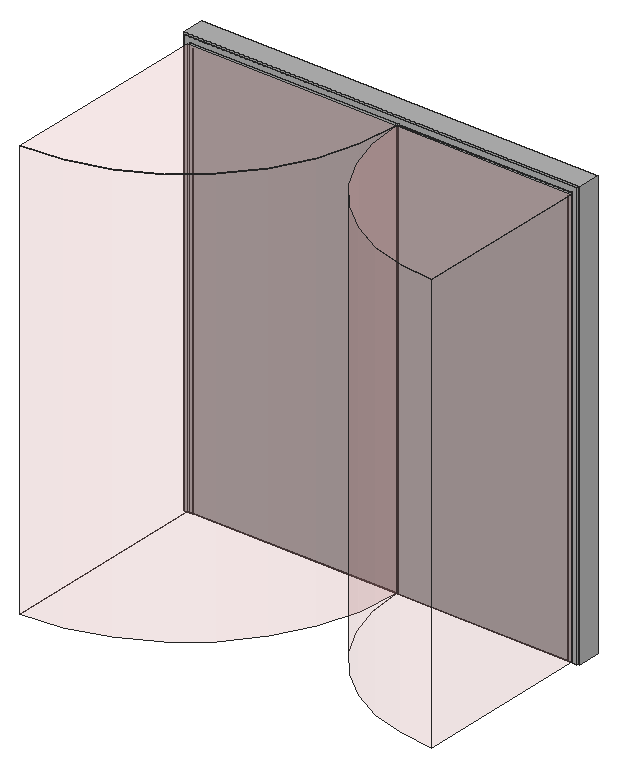
Revit family "ASSA ABLOY - ALPE Sp 60-2, double-leaf, block frame", category Doors, host Wall, Revit 2021
Family settings
  Host = Wall
  OmniClass Number = 23.30.10.00
  OmniClass Title = Doors
  Always vertical = Yes
  Cut with Voids When Loaded = No
  Shared = No
  Room Calculation Point = No
Parameters (values of type "1800 x 2100 (1805 x 2109)")
  URL = "https://www.assaabloy.com/pl/pl"
  Type Comments = "Door leaf made of two pressed galvanised steel sheets 1,25mm thick. Filled with mineral wool glued to the sheets with polyurethane adhesive. Door with 3-sided thin rebate."
  Rough Width Real = Width Round + Rough Width Conversion + Rough Width Adjustment  # 2015.000 mm
  Rough Height Real = Height Round + Rough Height Conversion + Rough Height Adjustment  # 2181.000 mm
  Rough Width Conversion = 215.000 mm  # constant formula
  Rough Width Adjustment = 0.000 mm  # constant formula
  Rough Height Conversion = 81.000 mm  # constant formula
  Rough Height Adjustment = 0.000 mm  # constant formula
  Recess Value [instance] = 79.500 mm
  Passive Symbol Radius [instance] = Passive Leaf Width + 13.500 mm  # 1064.500 mm
  Passive Leaf Width [instance] = Rough Width Real - Middle Post - 44.000 mm  # 1051.000 mm
  Opening Zone [instance] = yes
  Model = "Doorset_Steel fireproof door EI60, evacuation (EN 179) - active leaf_ASSA ABLOY Opening Solutions_Hardware 3D"
  Middle Post [instance] = Active Leaf Clear Passage Width + 120.000 mm  # 920.000 mm
  Hinges Material = Default steel
  HW Item 8 = "1x 206253: Vercy door stopper, max 120 kg_ASSA ABLOY (option)"
  Frame Finish [instance] = ""
  Fire Rating = "EI60"  # constant formula
  Width Round = roundup((Width / 5.000 mm)) * 5.000 mm  # 1800.000 mm
  Thickness = 63.000 mm  # constant formula
  Smoke Rating = "Sa, S200 (optional)"
  Rough Width = Width Round + 5.000 mm + Rough Width Conversion + Rough Width Adjustment  # 2020.000 mm
  Rough Height = Height Round + 9.000 mm + Rough Height Conversion + Rough Height Adjustment  # 2190.000 mm
  Readme = "The actual lintel height is consistent with the Rough Height parameter.\r\nThe final HW Set should be consistent with the function of the door and its  parameters.\r\nHardware mounted on door surface may affect the clear passage opening. For verification, please contact the specification department."
  Provider = "ASSA ABLOY Opening Solutions"
  Product Group = "Double-Steel-Evacuation (EN 179)"
  Name = "Steel fireproof door EI60, evacuation (EN 179) - active leaf"
  Min Door Width = 1170.000 mm
  Min Door Height = 600.000 mm
  Mechanical Strength = 4
  Max Door Width = 2370.000 mm
  Max Door Height = 2500.000 mm
  Manufacturer = "ASSA ABLOY"  # constant formula
  IfcExportType = "USERDEFINED"
  IfcExportAs = "IfcDoorType"
  Height Round = roundup((Height / 5.000 mm)) * 5.000 mm  # 2100.000 mm
  Hardware Set = "2.5PL"
  HW Item 7 = "1x H704: U-shape single handle set on round rosette,  class 4 (EN1906), stainless steel_ASSA ABLOY"
  HW Item 6 = "1x SK6 Radius: euro profile cylinder_IKON"
  HW Item 5 = "1x N4572: central semi-automatic flush bolt _Corni (passive leaf )"
  HW Item 4 = "1x N11xx: One System mechanical, panic mortice lockcase_ASSA ABLOY"
  HW Item 3 = "2x A153: mechanical opening damper_ASSA ABLOY (option)"
  HW Item 2 = "1x G461: guide rail with integrated coordinator_ASSA ABLOY"
  HW Item 1 = "2x DC700/ DC500: door closer, Cam-Motion®_ASSA ABLOY"
  Function = Interior
  Height = 2100.000 mm
  Wall Closure = By host
  Width = 1800.000 mm
  Frame Type = "Welded steel block frame, made of galvanised sheet 1,5mm thick."
  Frame Material = Default steel
  Family name = "2.5_DOORSET_ALPE Sp 60-2_DOUBLE-LEAF_BLOCK FRAME_ASSA ABLOY PL"
  Environmental Product Declaration (EPD) = "To be confirmed with Provider"  # constant formula
  Environmental Management System = "To be confirmed with Provider"  # constant formula
  Edition number = "1"
  Door Type = "ALPE Sp 60-2"
  Door Material = Default steel
  Door Finish Push Side [instance] = ""
  Door Finish Pull Side [instance] = ""
  Description = "ALPE Sp 60-2, door leaf made of two pressed galvanised steel sheets 1,25mm thick. Filled with mineral wool glued to the sheets with polyurethane adhesive. Door with 3-sided thin rebate. Stainless steel hinges with 3D regulation. Mechanical durability – class C5 according to PN-EN 16034:2014. Mechanical strength – class 4 according to PN-EN 1192:2001. Welded steel block frame, made of galvanised sheet 1,5mm thick."
  Date of publishing = ""
  Contact Provider = "https://www.assaabloy.com/pl/pl/solutions/topics/bim-specification/contact"
  Brand = "ASSA ABLOY Mercor Doors Sp. z o. o."  # constant formula
  Author = "www.archispace.pl"
  Active Symbol Radius [instance] = Active Leaf Width + 13.500 mm  # 889.500 mm
  Active Leaf Width [instance] = Middle Post - 44.000 mm  # 876.000 mm
  Active Leaf Clear Passage Width = 800.000 mm
Types (3, lengths in mm): name | Rough Width Real | Rough Height Real | Recess Value | Passive Symbol Radius | Passive Leaf Width | Width Round | Rough Width | Rough Height | Height Round | Height | Width
  1250 x 2000 (1255 x 2009) | 1465.000 | 2081.000 | 30.000 | 514.500 | 501.000 | 1250.000 | 1470.000 | 2090.000 | 2000.000 | 2000.000 | 1250.000
  1800 x 2100 (1805 x 2109) | 2015.000 | 2181.000 | 79.500 | 1064.500 | 1051.000 | 1800.000 | 2020.000 | 2190.000 | 2100.000 | 2100.000 | 1800.000
  2440 x 2500 (2445 x 2509) | 2655.000 | 2581.000 | 80.000 | 1704.500 | 1691.000 | 2440.000 | 2660.000 | 2590.000 | 2500.000 | 2500.000 | 2440.000
Reference planes
  plane 1: y = 0
  plane 2 "Center (Left/Right)": x = 0
  plane 3: z = 2181
  plane 4 "Exterior": y = 120
  plane 5 "Interior": y = -120
  plane 6: x = -1007.5
  plane 7: x = 1007.5
  plane 8: z = 2100
  plane 9: x = 87.5
  plane 10: z = 2125.6
  plane 11: x = 952.1
  plane 12: x = -952.1
  plane 13: x = 926.5
  plane 14: x = -926.5
  plane 15: x = 69.3
  plane 16: x = 105.7
  plane 17: z = 5
  plane 18: x = -1010
  plane 19: x = 1010
  plane 20: z = 2190
  plane 21: y = -52.5
  plane 22: y = -43
  plane 23: y = -40.5
  plane 24: y = 20.5
  plane 25: y = 36.5
  plane 26: y = 77
  plane 27: y = 74.5
  plane 28: x = 978.6
  plane 29: x = -978.6
  plane 30: z = 2140
  plane 31: x = 218.7
  plane 32: x = -402.8
  plane 33: x = 402.8
Forms (mm)
  Sweep 1, solid, material "Default steel" <- "Frame Material"
    path origin (-489, -40.5, 1200) x (1, 0, 0) y (0, 0, 1)
      loop
        line (-518.5, -1200) -> (-518.5, 981) -> (1496.5, 981) -> (1496.5, -1200)
    profile origin (-1007.5, -40.5, 1090.5) x (-1, 0, 0) y (0, -1, 0)
      loop
        line (-81, -61) -> (-81, -117.5) -> (-10, -117.5) -> (-10, -115) -> (0, -115) -> (0, 0) -> (-10, 0) -> (-10, 2.5) -> (-50, 2.5) -> (-50, -77) -> (-59, -77) -> (-59, -61) -> (-81, -61)
  Sweep 2, solid, material "Default steel" <- "Door Material"
    path origin (-489, -40.5, 1200) x (1, 0, 0) y (0, 0, 1)
      loop
        line (-463.1, -1195) -> (-463.1, 925.6) -> (555.3, 925.6) -> (555.3, -1195)
    profile origin (-442.9, -40.5, 2125.6) x (0, 0, 1) y (0, -1, 0)
      loop
        line (0, 5.9) -> (0, 3.5) -> (19, 3.5) -> (19, 5.9) -> (0, 5.9)
  Sweep 3, solid, material "Default steel" <- "Door Material"
    path origin (-489, -40.5, 1200) x (1, 0, 0) y (0, 0, 1)
      loop
        line (489, -1195) -> (489, 925.6)
    profile origin (0, -40.5, 1065.3) x (-1, 0, 0) y (0, -1, 0)
      loop
        line (952.1, -57.1) -> (952.1, 5.9) -> (-69.3, 5.9) -> (-69.3, -57.1) -> (952.1, -57.1)
  Sweep 4, solid, material "Opening zone", visible <- "Opening Zone"
    path origin (-5600, 0, 0) x (-1, 0, 0) y (0, 0, 1)
      loop
        line (-5600, 5) -> (-5600, 2140)
    profile origin (0, 0, 1072.5) x (1, 0, 0) y (0, 1, 0)
      loop
        line (-978.6, -52.5) -> (-978.6, -1117)
        arc (-978.6, -1117) -> (-225.885, -805.215) -> (85.9, -52.5) r 1064.5
        line (85.9, -52.5) -> (-978.6, -52.5)
  Sweep 5, solid, material "Default steel" <- "Frame Material"
    path origin (-489, -40.5, 1200) x (1, 0, 0) y (0, 0, 1)
      loop
        line (576.5, -1195) -> (576.5, 900)
    profile origin (87.5, -40.5, 1052.5) x (-1, 0, 0) y (0, -1, 0)
      loop
        line (18.2, 4) -> (6, 4) -> (-2, 1) -> (-12, 1) -> (-12, -58.8) -> (-25.5, -58.8) -> (-25.5, -69) -> (-40.5, -69) -> (-40.5, -58.8) -> (-45, -58.8) -> (-45, -78.8) -> (39, -78.8) -> (39, -56.6) -> (18.2, -56.6) -> (18.2, 4)
  Sweep 6, solid, material "Default steel" <- "Door Material"
    path origin (-489, -40.5, 1200) x (1, 0, 0) y (0, 0, 1)
      loop
        line (597.7, -1195) -> (597.7, 925.6) -> (1441.1, 925.6) -> (1441.1, -1195)
    profile origin (530.4, -40.5, 2125.6) x (0, 0, 1) y (0, -1, 0)
      loop
        line (0, 5.9) -> (0, 3.5) -> (19, 3.5) -> (19, 5.9) -> (0, 5.9)
  Sweep 7, solid, material "Default steel" <- "Door Material"
    path origin (-489, -40.5, 1200) x (1, 0, 0) y (0, 0, 1)
      loop
        line (576.5, -1195) -> (576.5, 925.6)
    profile origin (87.5, -40.5, 1065.3) x (-1, 0, 0) y (0, -1, 0)
      loop
        line (-864.6, -57.1) -> (-18.2, -57.1) -> (-18.2, 5.9) -> (-864.6, 5.9) -> (-864.6, -57.1)
  Sweep 8, solid, material "Opening zone", visible <- "Opening Zone"
    path origin (5600, 0, 0) x (1, 0, 0) y (0, 0, -1)
      loop
        line (-5600, -5) -> (-5600, -2140)
    profile origin (0, 0, 1072.5) x (1, 0, 0) y (0, 1, 0)
      loop
        line (978.6, -52.5) -> (89.1, -52.5)
        arc (89.1, -52.5) -> (349.629, -681.471) -> (978.6, -942) r 889.5
        line (978.6, -942) -> (978.6, -52.5)
Cuts and joins
  joined: Sweep 2, Sweep 3
  joined: Sweep 6, Sweep 7
Lines and regions (mm)
  Masking region 1, detail levels fine
    outline origin (-1132.682, -300, 2037) x (-1, 0, 0) y (0, -1, 0)
      loop
        circle (-154.082, -247.5) r 11
      loop
        circle (-2111.282, -247.5) r 11
  Opening 1
    outline origin (-5000, -120, 0) x (1, 0, 0) y (0, 0, 1)
      loop
        line (3990, 2190) -> (3990, 0) -> (6010, 0) -> (6010, 2190) -> (3990, 2190)
  Masking region 2, detail levels medium
    outline origin (-1132.682, -300, 2052) x (-1, 0, 0) y (0, -1, 0)
      loop
        line (-125.182, -377) -> (-125.182, -257) -> (-206.182, -257) -> (-206.182, -377) -> (-125.182, -377)
      loop
        line (-2140.182, -377) -> (-2059.182, -377) -> (-2059.182, -257) -> (-2140.182, -257) -> (-2140.182, -377)
  Masking region 3, detail levels fine
    outline origin (-1177.682, -289.4, 2052) x (-1, 0, 0) y (0, -1, 0)
      loop
        line (-251.182, -309.9) -> (-251.182, -366.4) -> (-180.182, -366.4) -> (-180.182, -363.9) -> (-170.182, -363.9) -> (-170.182, -248.9) -> (-180.182, -248.9) -> (-180.182, -246.4) -> (-220.182, -246.4) -> (-220.182, -325.9) -> (-229.182, -325.9) -> (-229.182, -309.9) -> (-251.182, -309.9)
      loop
        line (-2104.182, -309.9) -> (-2126.182, -309.9) -> (-2126.182, -325.9) -> (-2135.182, -325.9) -> (-2135.182, -246.4) -> (-2175.182, -246.4) -> (-2175.182, -248.9) -> (-2185.182, -248.9) -> (-2185.182, -363.9) -> (-2175.182, -363.9) -> (-2175.182, -366.4) -> (-2104.182, -366.4) -> (-2104.182, -309.9)
  symbolic lines, style "Elevation Swing"
    curve 1: line (84.5, -120, 1090.5) -> (-926.5, -120, 2100)
    curve 2: line (84.5, -120, 1090.5) -> (-926.5, -120, 5)
    curve 3: line (90.5, -120, 1090.5) -> (926.5, -120, 2100)
    curve 4: line (90.5, -120, 1090.5) -> (926.5, -120, 5)
Text (mm)
  text "Exterior" at (-1376.75, 1099.543, 0), in view "Ref. Level"
  text "Exterior" at (0, 1615.38, 3698.081), in view "Left"
  text "Exterior" at (0, 1036.032, 3874.932), in view "Right"
Dimensions and locks
  "Rough Height Real": plane 3 to host wall
  equal spacing: host wall, curve 2, plane 3
  host wall to plane 3 = 2181.000 mm
  locked: plane 4 "Exterior" to host wall
  locked: plane 5 "Interior" to host wall
  equal spacing: plane 6, plane 2 "Center (Left/Right)", plane 7
  "Rough Width Real": plane 6 to plane 7
  "Height": plane 8 to level
  locked: plane 6 to plane 12 at 55.4
  locked: plane 11 to plane 7 at 55.4
  locked: plane 3 to plane 10 at 55.4
  locked: plane 13 to plane 7 at 81
  locked: plane 6 to plane 14 at 81
  locked: plane 15 to plane 9 at 18.2
  locked: plane 9 to plane 16 at 18.2
  "Middle Post": plane 9 to plane 7
  equal spacing: plane 3, curve 4, level
  locked: plane 17 to level at 5
  equal spacing: plane 18, plane 2 "Center (Left/Right)", plane 19
  "Rough Width": plane 18 to plane 19
  "Rough Height": plane 20 to level
  locked: plane 25 to plane 24 at 16
  locked: plane 25 to plane 27 at 38
  locked: plane 27 to plane 26 at 2.5
  locked: plane 23 to plane 24 at 61
  locked: plane 6 to Masking region 3 sketch curve at 10
  locked: Masking region 3 sketch curve to plane 7 at 10  (x2)
  locked: Masking region 3 sketch curve to plane 7 at 50
  locked: Masking region 3 sketch curve to plane 7 at 59
  locked: plane 6 to Sweep 1 sketch curve at 10  (x2)
  locked: plane 28 to plane 7 at 28.9
  locked: plane 6 to plane 29 at 28.9
  locked: plane 22 to plane 23 at 2.5
  locked: plane 22 to plane 21 at 9.5
  "Recess Value": plane 5 "Interior" to plane 23
  locked: plane 3 to plane 30 at 41
  locked: plane 16 to plane 31 at 113
  locked: plane 29 to plane 32 at 575.8
  locked: plane 33 to plane 28 at 575.8
  plane 18 to plane 32 = 607.200 mm
  locked: Sweep 1 to Masking region 3 sketch curve at 50
  locked: Masking region 3 sketch curve to Masking region 3 sketch curve at 22
  locked: Sweep 1 sketch curve to Sweep 1 sketch curve at 22
  locked: Sweep 1 sketch curve to Sweep 1 sketch curve at 9
  locked: plane 22 to Sweep 2 sketch curve at 1
  Sweep 2 sketch curve to Sweep 2 sketch curve = 19.000 mm
  locked: Sweep 3 sketch curve to Sweep 3 sketch curve at 63
  Sweep 5 sketch curve to Sweep 5 sketch curve = 33.000 mm
  locked: Sweep 6 sketch curve to Sweep 6 sketch curve at 2.4
  Sweep 6 sketch curve to Sweep 6 sketch curve = 19.000 mm
  locked: Sweep 7 sketch curve to plane 22 at 3.4
  locked: Sweep 7 sketch curve to Sweep 7 sketch curve at 63
  locked: Sweep 6 sketch curve to plane 22 at 1
  locked: plane 21 to nested 1 at 9.5
  plane 28 to plane 7 = 28.900 mm
  locked: nested 1 to plane 28 at 4.6
  locked: Sweep 6 sketch curve to plane 16 at 3
  locked: Sweep 2 sketch curve to plane 15 at 3
  "Active Symbol Radius": radius of Sweep 8 sketch curve
  "Passive Symbol Radius": radius of Sweep 4 sketch curve
  aligned and locked: plane 1 to host wall
  aligned and locked: level to Sweep 1 sketch curve  (x2)
  aligned and locked: Sweep 1 sketch curve to plane 6  (x2)
  aligned and locked: plane 7 to Sweep 1 sketch curve
  aligned and locked: plane 2 "Center (Left/Right)" to Sweep 3 sketch curve
  aligned and locked: plane 3 to Sweep 1 sketch curve
  aligned and locked: Sweep 2 sketch curve to plane 12
  aligned and locked: Sweep 2 sketch curve to plane 10
  aligned and locked: plane 10 to Sweep 3 sketch curve
  aligned and locked: Sweep 3 sketch curve to plane 12
  aligned and locked: Sweep 5 sketch curve to plane 9
  aligned and locked: plane 15 to Sweep 3 sketch curve
  aligned and locked: Sweep 7 sketch curve to plane 9
  aligned and locked: plane 10 to Sweep 7 sketch curve
  aligned and locked: Sweep 7 sketch curve to plane 16
  aligned and locked: plane 11 to Sweep 7 sketch curve
  aligned and locked: Sweep 6 sketch curve to plane 10
  aligned and locked: Sweep 6 sketch curve to plane 11
  aligned and locked: plane 2 "Center (Left/Right)" to Sweep 8 sketch curve
  aligned and locked: plane 17 to Sweep 5 sketch curve
  aligned and locked: level to Opening 1 sketch curve
  aligned and locked: Opening 1 sketch curve to plane 18
  aligned and locked: Opening 1 sketch curve to plane 19
  aligned and locked: plane 8 to Sweep 5 sketch curve
  aligned and locked: Opening 1 sketch curve to plane 20
  aligned and locked: plane 17 to Sweep 2 sketch curve  (x2)
  aligned and locked: plane 17 to Sweep 3 sketch curve
  aligned and locked: plane 17 to Sweep 6 sketch curve  (x2)
  aligned and locked: plane 17 to Sweep 7 sketch curve
  aligned and locked: plane 22 to Masking region 2 sketch curve  (x2)
  aligned and locked: Masking region 2 sketch curve to plane 26  (x2)
  aligned and locked: plane 27 to Masking region 3 sketch curve  (x2)
  aligned and locked: plane 26 to Masking region 3 sketch curve  (x2)
  aligned and locked: plane 25 to Masking region 3 sketch curve  (x2)
  aligned and locked: plane 24 to Masking region 3 sketch curve  (x2)
  aligned and locked: Masking region 3 sketch curve to plane 23  (x2)
  aligned and locked: plane 22 to Masking region 3 sketch curve  (x2)
  aligned and locked: Masking region 3 sketch curve to plane 6
  aligned and locked: Masking region 3 sketch curve to plane 7
  aligned and locked: Masking region 2 sketch curve to plane 6
  aligned and locked: Masking region 2 sketch curve to plane 7
  aligned and locked: plane 26 to Sweep 1 sketch curve
  aligned and locked: plane 27 to Sweep 1 sketch curve
  aligned and locked: plane 25 to Sweep 1 sketch curve
  aligned and locked: plane 24 to Sweep 1 sketch curve
  aligned and locked: plane 22 to Sweep 1 sketch curve
  aligned and locked: Sweep 1 sketch curve to plane 23
  aligned and locked: Masking region 1 sketch curve to plane 21
  aligned and locked: plane 21 to Masking region 1 sketch curve
  aligned and locked: plane 29 to Masking region 1 sketch curve
  aligned and locked: plane 28 to Sweep 8 sketch curve
  aligned and locked: Sweep 8 sketch curve to plane 21
  aligned and locked: Sweep 4 sketch curve to plane 29
  aligned and locked: Sweep 4 sketch curve to plane 21
  aligned and locked: plane 2 "Center (Left/Right)" to Sweep 4 sketch curve
  aligned and locked: plane 30 to Sweep 4 sketch curve
  aligned and locked: plane 17 to Sweep 4 sketch curve
  aligned and locked: plane 30 to Sweep 8 sketch curve
  aligned and locked: plane 17 to Sweep 8 sketch curve
  aligned and locked: plane 8 to curve 1
  aligned and locked: plane 14 to curve 1
  aligned and locked: plane 14 to curve 2
  aligned and locked: plane 17 to curve 2
  aligned and locked: plane 13 to curve 4
  aligned and locked: plane 17 to curve 4
  aligned and locked: plane 13 to curve 3
  aligned and locked: plane 8 to curve 3
  aligned and locked: Masking region 3 sketch curve to Masking region 3 sketch curve
  aligned and locked: plane 14 to Masking region 2 sketch curve
  aligned and locked: Masking region 2 sketch curve to plane 13
  aligned and locked: Sweep 1 sketch curve to plane 14
  aligned and locked: Sweep 3 sketch curve to cut or joined group of Sweep 2, Sweep 3
  aligned and locked: plane 13 to Masking region 3 sketch curve
  aligned and locked: Sweep 5 sketch curve to plane 15
  aligned and locked: plane 28 to Masking region 1 sketch curve
Automatic sketch dimensions
  profile plane to Sweep 2 sketch curve = 0.000 mm
  Sweep 2 sketch curve to Sweep 2 sketch curve = 2.400 mm
  profile plane to Sweep 6 sketch curve = 0.000 mm
  Sweep 5 sketch curve to Sweep 5 sketch curve = 4.500 mm
  profile plane to Sweep 5 sketch curve = 12.000 mm
  profile plane to Sweep 5 sketch curve = 2.000 mm
  Sweep 5 sketch curve to profile plane = 6.000 mm
  Sweep 5 sketch curve to profile plane = 78.800 mm
  Sweep 5 sketch curve to Sweep 5 sketch curve = 9.800 mm
  Sweep 5 sketch curve to Sweep 5 sketch curve = 10.200 mm  (x2)
  Sweep 5 sketch curve to Sweep 5 sketch curve = 59.800 mm
  Sweep 5 sketch curve to Sweep 5 sketch curve = 3.000 mm
  plane 9 to curve 2 = 3.000 mm
  curve 3 to plane 9 = 3.000 mm
  Masking region 3 sketch curve to plane 14 = 0.000 mm
  Sweep 5 sketch curve to Sweep 5 sketch curve = 20.800 mm
  Sweep 5 sketch curve to Sweep 5 sketch curve = 15.000 mm
  Sweep 5 sketch curve to Sweep 5 sketch curve = 22.200 mm
  radius of Masking region 1 sketch curve = 11.000 mm  (x2)
Nested families
  nested 1: "Detail_Door symbol" at (0, -44.5, 2037), type "Detail_Door symbol"
Definition of nested family "Detail_Door symbol"
  Parameters (values of type "Detail_Door symbol")
    Rough Width = 1465.000 mm
    Passive Symbol Radius = 514.500 mm
    Passive Leaf Width = 501.000 mm
    Middle Post = 920.000 mm
    Active Symbol Radius = 889.500 mm
    Active Leaf Width = 876.000 mm
  Reference planes
    plane 1 "Center (Front/Back)": y = 0
    plane 2: z = 0
    plane 3 "Center (Left/Right)": x = 0
    plane 4: x = -732.5
    plane 5: y = -8
    plane 6: y = -17.5
    plane 7: y = -36.5
    plane 8: y = -502.5
    plane 9: y = -518.5
    plane 10: x = 732.5
    plane 11: y = -8
    plane 12: y = -17.5
    plane 13: y = -36.5
    plane 14: y = -874.5
    plane 15: y = -893.5
    plane 16: y = -482.5
    plane 17: y = -566.5
    plane 18: y = -533.5
    plane 19: x = -613.8
    plane 20: x = -613.55
    plane 21: x = -699
    plane 22: x = -703.6
    plane 23: x = -696.6
    plane 24: x = -636
    plane 25: x = 699
    plane 26: x = 703.6
    plane 27: x = 696.6
    plane 28: x = 636
  Lines and regions (mm)
    Filled region 1, type "Solid Fill - White", in view "Ref. Level", detail levels fine
      outline origin (88.5, 43.059, 0) x (1, 0, 0) y (0, 1, 0)
        loop
          line (-787.5, -60.559) -> (-787.5, -561.559) -> (-785.1, -561.559) -> (-785.1, -545.559) -> (-724.5, -545.559) -> (-724.5, -79.559) -> (-785.1, -79.559) -> (-785.1, -60.559) -> (-787.5, -60.559)
    Filled region 2, type "Solid Fill - White", in view "Ref. Level", detail levels medium
      outline origin (-211.5, 43.059, 0) x (1, 0, 0) y (0, 1, 0)
        loop
          line (-487.5, -60.559) -> (-487.5, -561.559) -> (-424.5, -561.559) -> (-424.5, -60.559) -> (-487.5, -60.559)
    Filled region 3, type "Solid Fill - White", in view "Ref. Level", detail levels fine
      outline origin (-78.5, 43.059, 0) x (0, 1, 0) y (-1, 0, 0)
        loop
          line (-60.559, -777.5) -> (-60.559, -775.1) -> (-79.559, -775.1) -> (-79.559, -714.5) -> (-917.559, -714.5) -> (-917.559, -775.1) -> (-936.559, -775.1) -> (-936.559, -777.5) -> (-60.559, -777.5)
    Filled region 4, type "Solid Fill - White", in view "Ref. Level", detail levels fine
      outline origin (88.5, -61.941, 0) x (1, 0, 0) y (0, 1, 0)
        loop
          line (-702.3, -504.559) -> (-702.3, -420.559) -> (-724.5, -420.559) -> (-724.5, -440.559) -> (-784.1, -440.559) -> (-784.1, -453.559) -> (-781.1, -461.559) -> (-781.1, -471.559) -> (-722.3, -471.559) -> (-722.3, -485.059) -> (-711, -485.059) -> (-711, -500.059) -> (-722.3, -500.059) -> (-722.3, -504.559) -> (-702.3, -504.559)
    Filled region 5, type "Solid Fill - White", in view "Ref. Level", detail levels medium
      outline origin (183.5, -61.941, 0) x (1, 0, 0) y (0, 1, 0)
        loop
          line (-819.5, -420.559) -> (-819.5, -504.559) -> (-797.3, -504.559) -> (-797.3, -420.559) -> (-819.5, -420.559)
    Filled region 6, type "Solid Fill - White", in view "Ref. Level", detail levels medium
      outline origin (221.5, 43.059, 0) x (0, 1, 0) y (-1, 0, 0)
        loop
          line (-60.559, -477.5) -> (-60.559, -414.5) -> (-936.559, -414.5) -> (-936.559, -477.5) -> (-60.559, -477.5)
    detail lines, in view "Ref. Level"
      curve 1: arc (-703.6, -522.5, 0) -> (-339.794, -371.806, 0) -> (-189.1, -8, 0) r 514.5
      curve 3: arc (703.6, -897.5, 0) -> (74.629, -636.971, 0) -> (-185.9, -8, 0) r 889.5
    detail lines, in view "Ref. Level", detail levels coarse
      curve 2: line (-703.6, -522.5, 0) -> (-703.6, -12.5, 0)
      curve 4: line (703.6, -897.5, 0) -> (703.6, -8, 0)
  Dimensions and locks
    locked: plane 9 to plane 8 at 16
    "Passive Leaf Width": plane 9 to plane 6
    locked: plane 1 "Center (Front/Back)" to plane 5 at 8
    plane 1 "Center (Front/Back)" to plane 6 = 17.500 mm
    locked: plane 6 to plane 7 at 19
    "Rough Width": plane 4 to plane 10
    equal spacing: plane 4, plane 3 "Center (Left/Right)", plane 10
    locked: plane 15 to plane 14 at 19
    "Active Leaf Width": plane 15 to plane 12
    locked: plane 1 "Center (Front/Back)" to plane 11 at 8
    plane 1 "Center (Front/Back)" to plane 12 = 17.500 mm
    locked: plane 12 to plane 13 at 19
    locked: plane 18 to plane 9 at 15
    plane 18 to plane 17 = 33.000 mm
    locked: plane 9 to plane 16 at 36
    locked: plane 19 to plane 20 at 0.25
    locked: plane 4 to plane 22 at 28.9
    locked: plane 22 to plane 21 at 4.6
    locked: plane 21 to plane 24 at 63
    locked: plane 26 to plane 25 at 4.6
    locked: plane 24 to plane 19 at 22.2
    locked: plane 28 to plane 25 at 63
    locked: plane 11 to plane 12 at 9.5
    locked: plane 27 to plane 25 at 2.4
    locked: plane 26 to plane 10 at 28.9
    locked: plane 21 to plane 23 at 2.4
    locked: plane 5 to plane 6 at 9.5
    locked: plane 24 to Filled region 4 sketch curve at 2.2
    plane 4 to plane 3 "Center (Left/Right)" = 732.500 mm
    "Passive Symbol Radius": radius of curve 1
    "Active Symbol Radius": radius of curve 3
    aligned and locked: plane 5 to curve 1
    aligned and locked: Filled region 1 sketch curve to plane 9
    aligned and locked: plane 8 to Filled region 1 sketch curve
    aligned and locked: Filled region 1 sketch curve to plane 6
    aligned and locked: plane 7 to Filled region 1 sketch curve
    aligned and locked: Filled region 2 sketch curve to plane 6
    aligned and locked: Filled region 2 sketch curve to plane 9
    aligned and locked: Filled region 3 sketch curve to plane 15
    aligned and locked: plane 14 to Filled region 3 sketch curve
    aligned and locked: Filled region 3 sketch curve to plane 12
    aligned and locked: plane 13 to Filled region 3 sketch curve
    aligned and locked: plane 16 to Filled region 4 sketch curve
    aligned and locked: plane 8 to Filled region 4 sketch curve
    aligned and locked: Filled region 4 sketch curve to plane 19
    aligned and locked: plane 16 to Filled region 5 sketch curve
    aligned and locked: Filled region 5 sketch curve to plane 19
    aligned and locked: Filled region 5 sketch curve to plane 17
    aligned and locked: plane 12 to Filled region 6 sketch curve
    aligned and locked: plane 15 to Filled region 6 sketch curve
    aligned and locked: plane 11 to curve 4
    aligned and locked: Filled region 4 sketch curve to plane 18
    aligned and locked: plane 17 to Filled region 4 sketch curve
    aligned and locked: Filled region 2 sketch curve to plane 21
    aligned and locked: Filled region 2 sketch curve to plane 24
    aligned and locked: Filled region 1 sketch curve to plane 21
    aligned and locked: plane 23 to Filled region 1 sketch curve  (x2)
    aligned and locked: Filled region 1 sketch curve to plane 24
    aligned and locked: plane 25 to Filled region 3 sketch curve
    aligned and locked: Filled region 3 sketch curve to plane 27  (x2)
    aligned and locked: plane 28 to Filled region 3 sketch curve
    aligned and locked: plane 25 to Filled region 6 sketch curve
    aligned and locked: plane 28 to Filled region 6 sketch curve
    aligned and locked: plane 11 to curve 3
    aligned and locked: Filled region 4 sketch curve to plane 24
    aligned and locked: Filled region 4 sketch curve to Filled region 4 sketch curve
    aligned and locked: plane 22 to curve 2
    aligned and locked: Filled region 5 sketch curve to plane 24
    aligned and locked: curve 4 to plane 26
    aligned and locked: plane 22 to curve 1
    aligned and locked: plane 26 to curve 3
  Automatic sketch dimensions
    plane 17 to Filled region 4 sketch curve = 4.500 mm
    Filled region 4 sketch curve to Filled region 4 sketch curve = 11.300 mm
    Filled region 4 sketch curve to plane 23 = 4.000 mm
    Filled region 4 sketch curve to plane 23 = 1.000 mm
    Filled region 4 sketch curve to Filled region 4 sketch curve = 15.000 mm
    plane 9 to Filled region 4 sketch curve = 5.000 mm
    Filled region 4 sketch curve to plane 9 = 3.000 mm
    curve 2 to curve 1 = 4.500 mm
